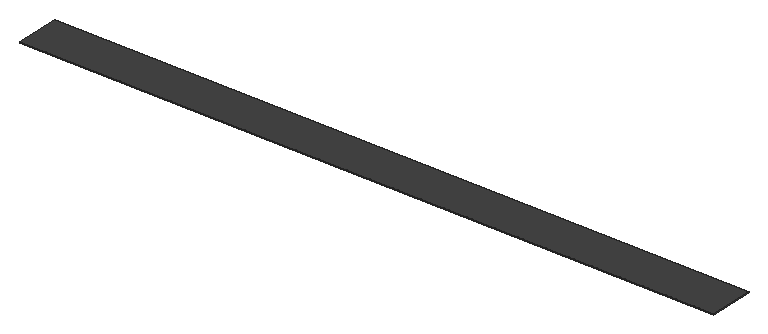
Revit family "Foundation-Barrier-Stego-Crete_Claw_Tape", category Specialty Equipment, host Face, Revit 2020
Family settings
  Host = Face
  Round Connector Dimension = Use Diameter
  Part Type = Normal
  OmniClass Number = 23.25.05.21
  OmniClass Title = Special Foundations
  Cut with Voids When Loaded = No
  Shared = No
  Room Calculation Point = No
Parameters (values of type "Stego® Crete Claw® 3" Wide")
  Youtube clip = "https://www.youtube.com/watch?v=CYw37cd_c-k"
  Weight Net (Kg) = "0"
  Vapor Barrier Width [instance] = 2' - 0"
  Uniformat II Description = ""
  Uniformat II Code = ""
  Uniclass 2015 Name = ""
  Uniclass 2015 Code = ""
  Uniclass 2.0 Description = ""
  Uniclass 2.0 Code = ""
  Uniclass 1.4 Description = ""
  Uniclass 1.4 Code = ""
  URL = "https://www.stegoindustries.com"
  UNSPSC Code = ""
  Type Comments = ""
  Thickness = 0' - 0 1/16"
  Technical description = "Double-sided, pressure-sensitive vapor-proofing specialty tape."
  Tape Visibility [instance] = yes
  Stego Crete Claw = Stego® Crete Claw® Tape
  Region South America = "CL, PE"
  Region Oceania = "AU, NZ"
  Region North America = "AG, AI, AW, BB, BL, BM, BQ, BS, BZ, CA, CR, CU, CW, DM, DO, GD, GL, GP, GT, HN, HT, JM, KN, KY, LC, MF, MQ, MS, MX, NI, PA, PM, PR, SV, SX, TC, TT, US, VC, VG, VI"
  Region Middle East = "None"
  Region Europe = "None"
  Region Asia = "None"
  Region Antarctica = "None"
  Region Africa = "None"
  QR code = "https://bimobject.com/stego-industries/product/stego003"
  Product url = "https://www.stegoindustries.com/products/stego-crete-claw-3"
  Product group = "Stego Crete Claw Tape"
  Product family = "Thermal and Moisture Protective Products"
  Product data url = "https://bimobject.com/stego-industries/product/stego003"
  Product certification = "https://www.stegoindustries.com/contact-us/technical-assistance"
  Product SKU = "stego003"
  Product Page URL = "https://www.stegoindustries.com/products/stego-crete-claw-3"
  Product Guid = "0717d0b4-04e0-4d62-bec9-3d9bfa1c79a4"
  Product Documentation Link = "https://www.stegoindustries.com/hubfs/Data_Sheets/Stego-Crete-Claw-Tape-3-Data-Sheet.pdf"
  OmniClass Description = ""
  OmniClass Code = ""
  Nominal width = 0' - 0"
  Nominal height = 0' - 0"
  NBS Reference Description = ""
  NBS Reference Code = ""
  Model = "Stego® Crete Claw® Tape"
  Max Length Note = "Stego® Crete Claw® Tape is available in rolls of 180'."  # constant formula
  Material secondary = "Acrylic"
  Material main = "Polyethylene"
  Masterformat 2014 Description = "Vapor Retarders"
  Masterformat 2014 Code = "07 26 00"
  Manufacturer name = "Stego Industries, LLC"
  Manufacturer country = "United States"
  Manufacturer = "Stego Industries, LLC"  # constant formula
  Low Emitting Material = yes
  Length [instance] = 4' - 0"
  Installation instructions = "https://www.stegoindustries.com/hubfs/Installation/Stego_Crete_Claw_Tape-Installation_Instructions%20.pdf"
  IFC Classification = ""
  Height = 1' - 7"
  Edition number = 1
  EAN code = ""
  Design country = "United States"
  Description = "Stego Crete Claw Tape is a multi-layered tape that is used to seal Stego®  Wrap Vapor Barrier to the perimeter of the slab while the concrete is placed. Stego Crete Claw Tape allows wet concrete to cast into the textured top surface to form a mechanical bond/ seal.  Stego Crete Claw Tape is composed of polyethylene film, aperture film, and an acrylic pressure sensitive adhesive.  Stego Crete Claw Tape is available in both six-inch wide and three-inch wide rolls."
  Default Elevation = 0' - 0"
  Date of publishing = "8/16/2017"
  Crete Claw Depth = 0' - 3"
  COBIe Type Category = ""
  Brand url = "http://www.stegoindustries.com"
  BIMobject category = "Waterproofing & Membranes\r\nWaterproofing & Membranes"
Types (2): name | Stego Crete Claw | Product url | Product Page URL | Product Documentation Link | Crete Claw Depth | BIMobject category
  Stego® Crete Claw® 6" Wide | none | "https://www.stegoindustries.com/products/stego-crete-claw-6" | "https://www.stegoindustries.com/products/stego-crete-claw-6" | "https://www.stegoindustries.com/hubfs/Data_Sheets/Stego-Crete-Claw-Tape-6-Data-Sheet%20.pdf" | 0' - 6" | "Waterproofing & Membranes"
  Stego® Crete Claw® 3" Wide | Stego® Crete Claw® Tape | "https://www.stegoindustries.com/products/stego-crete-claw-3" | "https://www.stegoindustries.com/products/stego-crete-claw-3" | "https://www.stegoindustries.com/hubfs/Data_Sheets/Stego-Crete-Claw-Tape-3-Data-Sheet.pdf" | 0' - 3" | "Waterproofing & Membranes\r\nWaterproofing & Membranes"
Reference planes (in)
  plane 1 "Center (Front/Back)": y = 0
  plane 2: z = 0
  plane 3 "Center (Left/Right)": x = 0
  plane 4: x = 48
  plane 5: z = 0.0625
  plane 6: y = -24
  plane 7: z = 0.125
  plane 8: y = -3
Forms (in)
  Extrusion 1, solid
    sketch origin (0, 0, 0) x (1, 0, 0) y (0, 1, 0)
      loop
        line (19.33405, -1.29498) -> (19.33405, -1.33503) -> (19.36859, -1.33503) -> (19.36859, -1.29498) -> (19.33405, -1.29498)
    from 0 to -0.0625
  Extrusion 2, solid, material "Stego® Crete Claw® Tape" <- "Stego Crete Claw", visible <- "Tape Visibility"
    sketch origin (0, 0, 0) x (0, 1, 0) y (0, 0, 1)
      loop
        line (0, 0.0625) -> (0, 0.125) -> (-3, 0.125) -> (-3, 0.0625) -> (0, 0.0625)
    from 0 to 48
Lines and regions (in)
  Masking region 1
    outline origin (0, 0, 0) x (1, 0, 0) y (0, 1, 0)
      loop
        line (0, 0) -> (0, -24) -> (48, -24) -> (48, 0) -> (0, 0)
  Masking region 2
    outline origin (0, 0, 0) x (1, 0, 0) y (0, 0, 1)
      loop
        line (0, 0.125) -> (0, 0) -> (48, 0) -> (48, 0.125) -> (0, 0.125)
  Masking region 3
    outline origin (0, 0, 0) x (0, 1, 0) y (0, 0, 1)
      loop
        line (0, 0.125) -> (-3, 0.125) -> (-3, 0.0625) -> (0, 0.0625) -> (0, 0.125)
  Masking region 4
    outline origin (0, 0, 0) x (0, 1, 0) y (0, 0, 1)
      loop
        line (0, 0.0625) -> (-24, 0.0625) -> (-24, 0) -> (0, 0) -> (0, 0.0625)
  symbolic lines, detail levels medium+fine
    curve 1: line (0, -3, 0) -> (48, -3, 0)
  model lines
    curve 2: line (48, 0, 0.0625) -> (0, 0, 0.0625)
Dimensions and locks (in)
  "Thickness": plane 5 to level
  "Thickness": plane 7 to plane 5
  "Length": plane 3 "Center (Left/Right)" to plane 4
  "Crete Claw Depth": plane 8 to plane 1 "Center (Front/Back)"
  "Vapor Barrier Width": plane 6 to plane 1 "Center (Front/Back)"
  aligned and locked: plane 2 to Extrusion 1
  aligned and locked: level to Extrusion 1
  aligned and locked: plane 8 to Extrusion 2
  aligned and locked: plane 4 to Extrusion 2
  aligned and locked: curve 1 to Extrusion 2
  aligned and locked: Masking region 2 sketch curve to Extrusion 2  (x2)
  aligned and locked: Masking region 3 sketch curve to Extrusion 2  (x4)
Automatic sketch dimensions
  Extrusion 1 sketch curve to Extrusion 1 sketch curve = 0' - 0.03453"
  Extrusion 1 sketch curve to Extrusion 1 sketch curve = 0' - 0.04004"
  Extrusion 2 sketch curve to plane 5 = 0' - 0"
  Extrusion 2 sketch curve to plane 8 = 0' - 0"
  Extrusion 2 sketch curve to plane 1 "Center (Front/Back)" = 0' - 0"
  Extrusion 2 sketch curve to plane 7 = 0' - 0"
  curve 1 to plane 3 "Center (Left/Right)" = 0' - 0"
  curve 1 to plane 4 = 0' - 0"
  curve 2 to plane 3 "Center (Left/Right)" = 0' - 0"
  curve 2 to plane 4 = 0' - 0"
  curve 2 to plane 5 = 0' - 0"
  Masking region 1 sketch curve to plane 3 "Center (Left/Right)" = 0' - 0"
  Masking region 1 sketch curve to plane 4 = 0' - 0"
  plane 6 to Masking region 1 sketch curve = 0' - 0"
  plane 1 "Center (Front/Back)" to Masking region 1 sketch curve = 0' - 0"
  Masking region 2 sketch curve to level = 0' - 0"
  Masking region 2 sketch curve to plane 4 = 0' - 0"
  Masking region 4 sketch curve to plane 5 = 0' - 0"
  Masking region 4 sketch curve to plane 6 = 0' - 0"
  Masking region 4 sketch curve to level = 0' - 0"
  Masking region 4 sketch curve to plane 1 "Center (Front/Back)" = 0' - 0"
